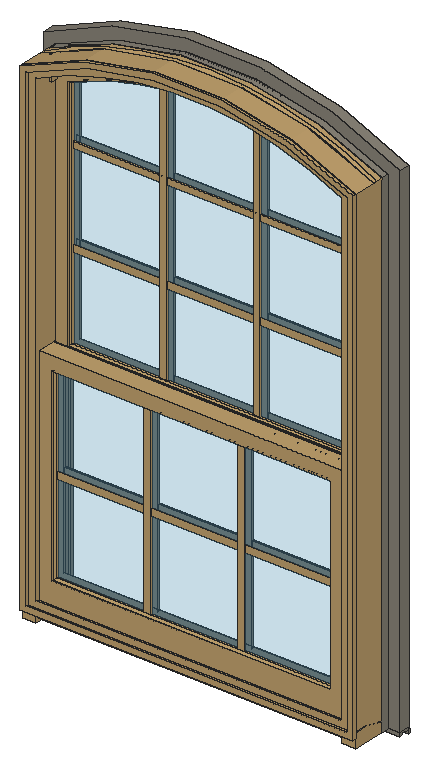
Revit family "Window-Double_Hung-Marvin-Next_Generation_Round_Top_RT6-Clad_Ultimate new new", category Windows, host Wall, Revit 2013 (continued)
Definition of nested family "Muntins"
  Parameters (values of type "Muntins")
    Inset Vert = if(LitesHorizontal < 3, (Width / 3) - (MuntinWidth / 2), (Width / LitesHorizontal) - (MuntinWidth / 2))  # 0' - 10.08333"
    Inset Horiz = if(LitesVertical < 3, (Height / 3) - (MuntinWidth / 2), (Height / LitesVertical) - (MuntinWidth / 2))  # 0' - 10 3/128"
    CenterMuntinVertical = LitesHorizontal = 2  # no
    CenterMuntinHorizontal = LitesVertical = 2  # no
    Assembly Code = ""
    Arc Height 1 = 0' - 5 1/2"
    Arc Height = 0' - 4.60072"
  Reference planes (in)
    plane 1 "Center (Front/Back)": y = 0
    plane 2: z = 0
    plane 3 "Center (Left/Right)": x = 0
    plane 4: z = 35.78125
    plane 5: z = 51.37891
    plane 6: z = 66.97656
    plane 7: z = 56.95313
    plane 8: z = 45.80469
    plane 9: z = 66.22656
    plane 10: z = 36.53125
    plane 11: x = -15.46875
    plane 12: x = 15.46875
    plane 13: x = -5.60417
    plane 14: x = -15.6875
    plane 15: x = 15.6875
    plane 16: x = 5.60417
    plane 17: z = 33.625
    plane 18: z = 70.38281
    plane 19: z = 65.7821
    plane 20: x = -18.875
    plane 21: x = 18.875
    plane 22: z = 61.47656
  Forms (in)
    Extrusion 1, solid, material <- "Muntin Material", visible <- "CenterMuntinVertical", detail levels medium+fine
      sketch origin (9, 0, 0) x (1, 0, 0) y (0, 0, 1)
        loop
          line (-9.375, 66.97656) -> (-9.375, 35.78125) -> (-8.625, 35.78125) -> (-8.625, 66.97656) -> (-9.375, 66.97656)
      from 0 to 0.28125 <- "MuntinDepth"
    Extrusion 2, solid, material <- "Muntin Material", visible <- "CenterMuntinHorizontal", detail levels medium+fine
      sketch origin (-0.0013, 0, 14.6875) x (1, 0, 0) y (0, 0, 1)
        loop
          line (-15.6862, 37.06641) -> (-15.6862, 36.31641) -> (15.6888, 36.31641) -> (15.6888, 37.06641) -> (-15.6862, 37.06641)
      from 0 to 0.28125 <- "MuntinDepth"
    Extrusion 3, solid, material <- "Muntin Material", visible <- "VertMuntVisible", detail levels medium+fine
      sketch origin (4.78571, 0, -2.90625) x (1, 0, 0) y (0, 0, 1)
        loop
          line (-10.38988, 69.88281) -> (-10.38988, 38.6875) -> (-9.63988, 38.6875) -> (-9.63988, 69.88281) -> (-10.38988, 69.88281)
      from 0 to 0.28125 <- "MuntinDepth"
    Extrusion 4, solid, material <- "Muntin Material", visible <- "HorizMuntVisible", detail levels medium+fine
      sketch origin (0.3724, 0, -0.09263) x (1, 0, 0) y (0, 0, 1)
        loop
          line (-16.0599, 46.64732) -> (-16.0599, 45.89732) -> (15.3151, 45.89732) -> (15.3151, 46.64732) -> (-16.0599, 46.64732)
      from 0 to 0.28125 <- "MuntinDepth"
    Extrusion 5, void
      sketch origin (0, 0, 0) x (1, 0, 0) y (0, 0, 1)
        loop
          arc (-15.6875, 63.10701) -> (0, 66.49727) -> (15.6875, 63.10701) r 37.98998
          line (15.6875, 63.10701) -> (18.875, 63.10701) -> (18.875, 70.38281) -> (-18.875, 70.38281) -> (-18.875, 63.10701) -> (-15.6875, 63.10701)
      from -1 to 1
    Extrusion 6, solid, material <- "Muntin Material", visible <- "CenterMuntinVertical", detail levels coarse
      sketch origin (9, 0, 0) x (1, 0, 0) y (0, 0, 1)
        loop
          line (-9.03125, 66.97656) -> (-9.03125, 35.78125) -> (-8.96875, 35.78125) -> (-8.96875, 66.97656) -> (-9.03125, 66.97656)
      from 0 to 0.0625
    Extrusion 7, solid, material <- "Muntin Material", visible <- "VertMuntVisible", detail levels coarse
      sketch origin (4.77009, 0, 0) x (1, 0, 0) y (0, 0, 1)
        loop
          line (-10.01488, 66.97656) -> (-10.01488, 35.78125) -> (-9.98363, 35.78125) -> (-9.98363, 66.97656) -> (-10.01488, 66.97656)
      from 0 to 0.0625
    Extrusion 8, solid, material <- "Muntin Material", visible <- "CenterMuntinHorizontal", detail levels coarse
      sketch origin (-0.0013, 0, 14.6875) x (1, 0, 0) y (0, 0, 1)
        loop
          line (-15.6862, 36.72266) -> (-15.6862, 36.66016) -> (15.6888, 36.66016) -> (15.6888, 36.72266) -> (-15.6862, 36.72266)
      from 0 to 0.0625
    Extrusion 9, solid, material <- "Muntin Material", visible <- "HorizMuntVisible", detail levels coarse
      sketch origin (-5.6263, 0, -2.73326) x (1, 0, 0) y (0, 0, 1)
        loop
          line (-10.0612, 48.95982) -> (-10.0612, 48.89732) -> (21.3138, 48.89732) -> (21.3138, 48.95982) -> (-10.0612, 48.95982)
      from 0 to 0.0625
    Extrusion 10, solid, material <- "Muntin Material", visible <- "VertMuntVisible", detail levels medium+fine
      sketch origin (15.24405, 0, -2.90625) x (1, 0, 0) y (0, 0, 1)
        loop
          line (-10.38988, 69.88281) -> (-10.38988, 38.6875) -> (-9.63988, 38.6875) -> (-9.63988, 69.88281) -> (-10.38988, 69.88281)
      from 0 to 0.28125 <- "MuntinDepth"
    Extrusion 11, solid, material <- "Muntin Material", visible <- "VertMuntVisible", detail levels coarse
      sketch origin (15.22842, 0, 0) x (1, 0, 0) y (0, 0, 1)
        loop
          line (-10.01488, 66.97656) -> (-10.01488, 35.78125) -> (-9.98363, 35.78125) -> (-9.98363, 66.97656) -> (-10.01488, 66.97656)
      from 0 to 0.0625
    Extrusion 12, solid, material <- "Muntin Material", visible <- "HorizMuntVisible", detail levels medium+fine
      sketch origin (0.3724, 0, 10.3058) x (1, 0, 0) y (0, 0, 1)
        loop
          line (-16.0599, 46.64732) -> (-16.0599, 45.89732) -> (15.3151, 45.89732) -> (15.3151, 46.64732) -> (-16.0599, 46.64732)
      from 0 to 0.28125 <- "MuntinDepth"
    Extrusion 13, solid, material <- "Muntin Material", visible <- "HorizMuntVisible", detail levels coarse
      sketch origin (-5.6263, 0, 7.66518) x (1, 0, 0) y (0, 0, 1)
        loop
          line (-10.0612, 48.95982) -> (-10.0612, 48.89732) -> (21.3138, 48.89732) -> (21.3138, 48.95982) -> (-10.0612, 48.95982)
      from 0 to 0.0625
  Cuts and joins
    Extrusion 5 cuts Extrusion 3
    Extrusion 5 cuts Extrusion 7
    Extrusion 5 cuts Extrusion 10
    Extrusion 5 cuts Extrusion 11
    Extrusion 5 cuts Extrusion 12
    Extrusion 5 cuts Extrusion 1
    Extrusion 5 cuts Extrusion 13
    Extrusion 5 cuts Extrusion 6
  Lines and regions (in)
    reference lines
      curve 1: arc (-18.875, 0, 65.7821) -> (0, 0, 70.51548) -> (18.875, 0, 65.7821) r 40
      curve 2: arc (18.875, 0, 61.47656) -> (0, 0, 66.49727) -> (-18.875, 0, 61.47656) r 37.98998
  Dimensions and locks (in)
    "Inset Horiz": plane 6 to plane 7
    "Inset Horiz": plane 8 to plane 4
    equal spacing: plane 6, plane 5, plane 4
    "Height": plane 6 to plane 4
    "GlazingHeight": plane 9 to plane 10
    equal spacing: plane 9, plane 5, plane 10
    "GlazingWidth": plane 12 to plane 11
    equal spacing: plane 12, plane 3 "Center (Left/Right)", plane 11
    "MuntinWidth": Extrusion 1 sketch curve to Extrusion 1 sketch curve
    "Height": Extrusion 1 sketch curve to Extrusion 1 sketch curve
    "MuntinWidth": Extrusion 2 sketch curve to Extrusion 2 sketch curve
    "Width": Extrusion 2 sketch curve to Extrusion 2 sketch curve
    "MuntinWidth": Extrusion 3 sketch curve to Extrusion 3 sketch curve
    "Height": Extrusion 3 sketch curve to Extrusion 3 sketch curve
    "Width": plane 15 to plane 14
    equal spacing: plane 15, plane 3 "Center (Left/Right)", plane 14
    "Inset Vert": plane 13 to plane 14
    "Inset Vert": plane 15 to plane 16
    "MuntinWidth": Extrusion 4 sketch curve to Extrusion 4 sketch curve
    "Width": Extrusion 4 sketch curve to Extrusion 4 sketch curve
    locked: plane 10 to plane 17 at 2.90625
    Extrusion 6 sketch curve to plane 3 "Center (Left/Right)" to Extrusion 6 sketch curve = 0' - 0 1/32" locked, 0' - 0 1/32" locked
    "Height": Extrusion 6 sketch curve to Extrusion 6 sketch curve
    locked: Extrusion 7 sketch curve to Extrusion 7 sketch curve at 0.03125
    "Height": Extrusion 7 sketch curve to Extrusion 7 sketch curve
    locked: Extrusion 3 to Extrusion 7 at 0.35938
    equal spacing: Extrusion 8 sketch curve, plane 5, Extrusion 8 sketch curve
    "Width": Extrusion 8 sketch curve to Extrusion 8 sketch curve
    Extrusion 9 sketch curve to Extrusion 9 sketch curve = 0' - 0 1/16"
    "Width": Extrusion 9 sketch curve to Extrusion 9 sketch curve
    locked: Extrusion 9 to Extrusion 4 at 0.35937
    "MuntinWidth": Extrusion 10 sketch curve to Extrusion 10 sketch curve
    "Height": Extrusion 10 sketch curve to Extrusion 10 sketch curve
    locked: Extrusion 11 sketch curve to Extrusion 11 sketch curve at 0.03125
    "Height": Extrusion 11 sketch curve to Extrusion 11 sketch curve
    locked: Extrusion 10 to Extrusion 11 at 0.35938
    group 2 to group 3 = 0' - 10.45833"
    group 2 to group 3 = 0' - 0"  (x2)
    "MuntinWidth": Extrusion 12 sketch curve to Extrusion 12 sketch curve
    "Width": Extrusion 12 sketch curve to Extrusion 12 sketch curve
    Extrusion 13 sketch curve to Extrusion 13 sketch curve = 0' - 0 1/16"
    "Width": Extrusion 13 sketch curve to Extrusion 13 sketch curve
    locked: Extrusion 13 to Extrusion 12 at 0.35937
    group 4 to group 5 = 0' - 0"  (x2)
    group 4 to group 5 = 0' - 10 51/128"
    locked: plane 18 to plane 6 at 3.40625
    "Arc Height": plane 18 to plane 19
    locked: plane 11 to plane 20 at 3.40625
    locked: plane 12 to plane 21 at 3.40625
    locked: plane 6 to curve 2 at 0.47929
    "Arc Height 1": plane 6 to plane 22
    "RO Radius": radius of curve 1
    aligned and locked: plane 6 to Extrusion 1  (x2)
    aligned and locked: Extrusion 1 to plane 4  (x3)
    aligned and locked: Extrusion 3 to plane 13  (x6)
    aligned and locked: Extrusion 3 to plane 4  (x4)
    aligned and locked: Extrusion 2 to plane 14
    aligned and locked: plane 15 to Extrusion 2
    aligned and locked: plane 6 to Extrusion 3  (x2)
    aligned and locked: Extrusion 4 to plane 14  (x2)
    aligned and locked: Extrusion 4 to plane 8  (x2)
    aligned and locked: plane 15 to Extrusion 4  (x2)
    aligned and locked: plane 6 to Extrusion 7
    aligned and locked: plane 6 to Extrusion 10
    aligned and locked: plane 6 to Extrusion 11
    aligned and locked: Extrusion 10 to plane 16
    aligned and locked: Extrusion 10 to plane 4
    aligned and locked: Extrusion 11 to plane 4
    aligned and locked: Extrusion 7 to plane 4
    aligned and locked: Extrusion 9 to plane 14
    aligned and locked: plane 15 to Extrusion 9
    aligned and locked: Extrusion 12 to plane 14
    aligned and locked: Extrusion 13 to plane 14
    aligned and locked: plane 7 to Extrusion 12
    aligned and locked: plane 15 to Extrusion 12
    aligned and locked: plane 15 to Extrusion 13
    aligned and locked: plane 15 to Extrusion 5 sketch curve
    aligned and locked: plane 19 to curve 1  (x2)
    aligned and locked: plane 21 to curve 1
    aligned and locked: plane 20 to curve 1
    aligned and locked: Extrusion 5 sketch curve to curve 2
    aligned and locked: plane 14 to Extrusion 5 sketch curve
    aligned and locked: plane 20 to Extrusion 5 sketch curve
    aligned and locked: Extrusion 5 sketch curve to plane 21
    aligned and locked: Extrusion 5 sketch curve to plane 18
    aligned and locked: plane 21 to curve 2
    aligned and locked: plane 20 to curve 2
    aligned and locked: plane 22 to curve 2  (x2)
  Automatic sketch dimensions
    Extrusion 1 sketch curve to plane 4 = 0' - 0"
    Extrusion 1 sketch curve to plane 3 "Center (Left/Right)" = 0' - 0 3/8"
    Extrusion 2 sketch curve to plane 14 = 0' - 0"
    Extrusion 2 sketch curve to plane 5 = 0' - 0 3/8"
    Extrusion 6 sketch curve to plane 4 = 0' - 0"
    Extrusion 8 sketch curve to plane 14 = 0' - 0"
    Extrusion 8 sketch curve to plane 5 = 0' - 0 1/32"
    Extrusion 9 sketch curve to Extrusion 9 sketch curve = 0' - 0 1/16"
    Extrusion 13 sketch curve to Extrusion 13 sketch curve = 0' - 0 1/16"
Definition of nested family "Jamb Detail"
  Parameters (values of type "Jamb Detail")
    Nailer = yes
  Reference planes (in)
    plane 1 "Center (Front/Back)": y = 0
    plane 2: z = 0
    plane 3 "Center (Left/Right)": x = 0
  Lines and regions (in)
    Masking region 1, in view "Ref. Level", detail levels coarse
      outline origin (0, 3.508, 0) x (1, 0, 0) y (0, 1, 0)
        loop
          line (0, 0) -> (0, -5.64802) -> (2.62497, -5.64802) -> (2.62497, 0) -> (0, 0)
    Masking region 2, in view "Ref. Level", detail levels medium
      outline origin (0, 3.508, 0) x (1, 0, 0) y (0, 1, 0)
        loop
          line (1.49505, -0.36) -> (1.49505, 0) -> (0, 0) -> (0, -5.64802) -> (0.58673, -5.64802) -> (0.73855, -4.787) -> (1.79505, -4.787) -> (1.79505, -4.329) -> (3.25697, -4.329) -> (3.25697, -3.948) -> (2.62497, -3.948) -> (2.62497, -3.068) -> (3.25697, -3.068) -> (3.25697, -2.584) -> (1.5, -2.584) -> (1.5, -2.105) -> (3.25697, -2.105) -> (3.25697, -1.724) -> (2.62497, -1.724) -> (2.62497, -0.844) -> (3.25697, -0.844) -> (3.25697, -0.36) -> (1.49505, -0.36)
    Masking region 3, in view "Ref. Level", detail levels fine
      outline origin (0, 3.508, 0) x (1, 0, 0) y (0, 1, 0)
        loop
          line (0, 0) -> (0, -5.64802) -> (0.58673, -5.64802) -> (0.73855, -4.787) -> (1.795, -4.787) -> (1.795, -4.439) -> (1.5, -4.439) -> (1.5, -3.614) -> (0.465, -3.614) -> (0.465, -3.1055) -> (1.5, -3.1055) -> (1.5, -1.403) -> (0.465, -1.403) -> (0.465, -0.607) -> (1.49505, -0.607) -> (1.49505, 0) -> (0, 0)
    Masking region 4, in view "Ref. Level", detail levels fine
      outline origin (0, 3.508, 0) x (1, 0, 0) y (0, 1, 0)
        loop
          line (3.038, -0.36) -> (1.589, -0.36) -> (1.589, -2.105) -> (3.057, -2.105) -> (3.057, -1.98636) -> (3.25619, -1.78717) -> (3.25619, -1.724) -> (2.5, -1.724) -> (2.5, -0.844) -> (3.257, -0.844) -> (3.257, -0.64741) -> (3.038, -0.454) -> (3.038, -0.36)
        loop
          line (3.038, -2.584) -> (1.589, -2.584) -> (1.589, -4.329) -> (3.057, -4.329) -> (3.057, -4.21036) -> (3.25619, -4.01117) -> (3.25619, -3.948) -> (2.5, -3.948) -> (2.5, -3.068) -> (3.257, -3.068) -> (3.257, -2.87141) -> (3.038, -2.678) -> (3.038, -2.584)
    Masking region 5, in view "Ref. Level", detail levels fine
      outline origin (0, 3.508, 0) x (1, 0, 0) y (0, 1, 0)
        loop
          line (1.49505, -0.36) -> (1.49505, 0) -> (0, 0) -> (0, -5.64802) -> (0.58673, -5.64802) -> (0.73855, -4.787) -> (1.79505, -4.787) -> (1.79505, -4.329) -> (3.057, -4.329) -> (3.057, -4.21036) -> (3.25697, -4.01038) -> (3.25697, -3.948) -> (2.62497, -3.948) -> (2.62497, -3.068) -> (3.25697, -3.068) -> (3.25697, -2.87035) -> (3.038, -2.678) -> (3.038, -2.584) -> (1.5, -2.584) -> (1.5, -2.105) -> (3.057, -2.105) -> (3.057, -1.98636) -> (3.25697, -1.78638) -> (3.25697, -1.724) -> (2.62497, -1.724) -> (2.62497, -0.844) -> (3.25697, -0.844) -> (3.25697, -0.64635) -> (3.038, -0.454) -> (3.038, -0.36) -> (1.49505, -0.36)
    Masking region 6, in view "Ref. Level", visible <- "Nailer", detail levels fine
      outline origin (0, 3.508, 0) x (1, 0, 0) y (0, 1, 0)
        loop
          line (-1.49397, -4.55599) -> (-1.49397, -4.601) -> (0, -4.601) -> (0, -4.446) -> (-0.14397, -4.446) -> (-0.14397, -4.55599) -> (-1.49397, -4.55599)
    detail lines, style "Light", in view "Ref. Level", detail levels fine
      curve 1: line (0.465, 2.105, 0) -> (0.465, 0.4025, 0)
      curve 2: line (0.465, 2.901, 0) -> (0, 2.901, 0)
      curve 3: line (0.465, -0.728, 0) -> (0, -0.728, 0)
      curve 4: line (0.465, -0.106, 0) -> (0.465, -0.728, 0)
Definition of nested family "Header Detail"
  Parameters (values of type "Header Detail")
    Nailer = yes
  Reference planes (in)
    plane 1 "Center (Front/Back)": y = 0
    plane 2: z = 0
    plane 3 "Center (Left/Right)": x = 0
  Lines and regions (in)
    Masking region 1, in view "Ref. Level", detail levels coarse
      outline origin (0, 0, 0) x (1, 0, 0) y (0, 1, 0)
        loop
          line (-2.13999, 0) -> (-2.13999, -2.628) -> (3.50801, -2.628) -> (3.50801, 0) -> (-2.13999, 0)
    Masking region 2, in view "Ref. Level", detail levels fine
      outline origin (0, 0, 0) x (1, 0, 0) y (0, 1, 0)
        loop
          line (-2.13999, -0.57678) -> (-1.27899, -0.7286) -> (-1.27899, -1.785) -> (-0.93099, -1.785) -> (-0.93099, -1.483) -> (-0.83199, -1.483) -> (-0.83199, -0.065) -> (-0.21199, -0.065) -> (-0.21199, 0) -> (-2.13999, 0) -> (-2.13999, -0.57678)
    Masking region 3, in view "Ref. Level", detail levels fine
      outline origin (0, 0, 0) x (1, 0, 0) y (0, 1, 0)
        loop
          line (-0.82239, -1.579) -> (-0.82239, -3.04703) -> (-0.70371, -3.04703) -> (-0.50374, -3.247) -> (-0.43999, -3.247) -> (-0.43999, -2.49) -> (0.43996, -2.49) -> (0.43996, -3.247) -> (0.63638, -3.247) -> (0.83001, -3.028) -> (0.92401, -3.028) -> (0.92401, -1.579) -> (-0.82239, -1.579)
    Masking region 4, in view "Ref. Level", detail levels medium
      outline origin (0, 0, 0) x (1, 0, 0) y (0, 1, 0)
        loop
          line (1.68801, -1.4835) -> (3.50801, -1.4835) -> (3.50801, 0) -> (-2.13999, 0) -> (-2.13999, -0.57678) -> (-1.27899, -0.7286) -> (-1.27899, -1.785) -> (-0.82239, -1.785) -> (-0.82239, -3.247) -> (-0.43999, -3.247) -> (-0.43999, -2.628) -> (0.43996, -2.628) -> (0.43996, -3.247) -> (0.92401, -3.247) -> (0.92401, -1.7846) -> (1.68801, -1.7846) -> (1.68801, -1.4835)
    Masking region 5, in view "Ref. Level", visible <- "Nailer", detail levels fine
      outline origin (0, 0, 0) x (1, 0, 0) y (0, 1, 0)
        loop
          line (-1.04202, 0.15488) -> (-1.04202, 1.51988) -> (-1.08698, 1.51988) -> (-1.08698, 0) -> (-0.93202, 0) -> (-0.93202, 0.15488) -> (-1.04202, 0.15488)
    Masking region 6, in view "Ref. Level", detail levels fine
      outline origin (0, 0.25, 0) x (1, 0, 0) y (0, 1, 0)
        loop
          line (1.68801, -1.7335) -> (3.50801, -1.7335) -> (3.50801, -0.25) -> (-2.13999, -0.25) -> (-2.13999, -0.82678) -> (-1.27899, -0.9786) -> (-1.27899, -2.035) -> (-0.82239, -2.035) -> (-0.82239, -3.29703) -> (-0.70371, -3.29703) -> (-0.50374, -3.497) -> (-0.43999, -3.497) -> (-0.43999, -2.878) -> (0.43996, -2.878) -> (0.43996, -3.497) -> (0.63638, -3.497) -> (0.83001, -3.278) -> (0.92401, -3.278) -> (0.92401, -2.0346) -> (1.68801, -2.0346) -> (1.68801, -1.7335)
    Masking region 7, in view "Ref. Level", detail levels fine
      outline origin (1.49635, -0.10463, 0) x (1, 0, 0) y (0, 1, 0)
        loop
          line (0.19166, -1.37887) -> (2.01166, -1.37887) -> (2.01166, 0.10463) -> (-0.49091, 0.10463) -> (-0.54824, -0.05287) -> (-0.98096, 0.10463) -> (-1.70834, 0.10463) -> (-1.70834, 0.03963) -> (-2.32834, 0.03963) -> (-2.32834, -0.52307) -> (-1.70834, -0.52307) -> (-1.70834, -0.71107) -> (-2.32834, -0.71107) -> (-2.32834, -1.37907) -> (-0.49434, -1.37907) -> (-0.49434, -1.67997) -> (0.19166, -1.67997) -> (0.19166, -1.37887)
    detail lines, style "Light", in view "Ref. Level", detail levels fine
      curve 1: line (1.76921, 0, 0) -> (1.76921, -1.2016, 0)
      curve 2: line (1.68801, -1.2016, 0) -> (1.68801, -1.4835, 0)
      curve 3: line (1.00201, -1.2016, 0) -> (1.00201, -1.4837, 0)
      curve 4: line (1.76921, -1.2016, 0) -> (1.00201, -1.2016, 0)
Definition of nested family "Sill Detail"
  Parameters (values of type "Sill Detail")
    Nailer = yes
  Reference planes (in)
    plane 1 "Center (Front/Back)": y = 0
    plane 2: z = 0
    plane 3 "Center (Left/Right)": x = 0
  Lines and regions (in)
    Masking region 1, in view "Ref. Level", detail levels coarse
      outline origin (0, 0, 0) x (1, 0, 0) y (0, 1, 0)
        loop
          line (-4.36311, -0.00002) -> (1.28394, -0.00002) -> (1.28394, 4.21198) -> (-4.36311, 4.21198) -> (-4.36311, -0.00002)
    Masking region 2, in view "Ref. Level", detail levels medium
      outline origin (0, 0, 0) x (1, 0, 0) y (0, 1, 0)
        loop
          line (1.28394, 2.22994) -> (0.924, 2.22994) -> (0.924, 4.84396) -> (0.43999, 4.84396) -> (0.43999, 4.21198) -> (-0.43963, 4.21198) -> (-0.43963, 4.84396) -> (-0.82107, 4.84396) -> (-0.82107, 1.46892) -> (-4.36311, 0.58588) -> (-4.36311, -0.00002) -> (1.28394, -0.00002) -> (1.28394, 2.22994)
    Masking region 3, in view "Ref. Level", detail levels fine
      outline origin (0, 0, 0) x (1, 0, 0) y (0, 1, 0)
        loop
          line (0.6366, 4.84396) -> (0.43999, 4.84396) -> (0.43999, 4.08698) -> (-0.43963, 4.08698) -> (-0.43963, 4.84396) -> (-0.50237, 4.84396) -> (-0.70235, 4.64399) -> (-0.82107, 4.64399) -> (-0.82107, 1.54439) -> (-0.54105, 1.6142) -> (-0.54105, 1.91995) -> (0.924, 1.91995) -> (0.924, 4.62495) -> (0.83, 4.62495) -> (0.6366, 4.84396)
    Masking region 4, in view "Ref. Level", detail levels fine
      outline origin (0, 0, 0) x (1, 0, 0) y (0, 1, 0)
        loop
          line (1.01795, 1.62995) -> (-0.17511, 1.62995) -> (-3.50208, 0.80053) -> (-3.50208, 0.72866) -> (-4.36309, 0.57686) -> (-4.36309, -0.00002) -> (-0.60918, -0.00002) -> (1.01795, 0.40562) -> (1.01795, 1.62995)
    Masking region 5, in view "Ref. Level", detail levels fine
      outline origin (0, 0, 0) x (1, 0, 0) y (0, 1, 0)
        loop
          line (1.01794, 2.22994) -> (1.01794, 0.90494) -> (1.28394, 0.90494) -> (1.28394, 2.22994) -> (1.01794, 2.22994)
    Masking region 6, in view "Ref. Level", visible <- "Nailer", detail levels fine
      outline origin (0, 0, 0) x (1, 0, 0) y (0, 1, 0)
        loop
          line (-3.27149, -1.25785) -> (-3.27149, -0.00002) -> (-3.55046, -0.00002) -> (-3.55046, -0.04284) -> (-3.31146, -0.04284) -> (-3.31146, -1.25785) -> (-3.27149, -1.25785)
    Masking region 7, in view "Ref. Level", detail levels fine
      outline origin (0, 0, 0) x (1, 0, 0) y (0, 1, 0)
        loop
          line (1.28394, 2.22994) -> (0.924, 2.22994) -> (0.924, 4.62495) -> (0.83, 4.62495) -> (0.6366, 4.84396) -> (0.43999, 4.84396) -> (0.43999, 4.21198) -> (-0.43963, 4.21198) -> (-0.43963, 4.84396) -> (-0.50237, 4.84396) -> (-0.70235, 4.64399) -> (-0.82107, 4.64399) -> (-0.82107, 1.46892) -> (-3.50208, 0.80054) -> (-3.50208, 0.72866) -> (-4.36311, 0.57686) -> (-4.36311, -0.00002) -> (-0.60641, -0.00002) -> (1.01794, 0.40494) -> (1.01794, 0.90494) -> (1.28394, 0.90494) -> (1.28394, 2.22994)
    detail lines, style "Light", in view "Ref. Level", detail levels fine
      curve 1: line (-2.91948, 0, 0) -> (-3.14146, 0.89044, 0)
Definition of nested family "Checkrail Detail"
  Reference planes (in)
    plane 1 "Center (Front/Back)": y = 0
    plane 2: z = 0
    plane 3 "Center (Left/Right)": x = 0
  Lines and regions (in)
    Masking region 1, in view "Ref. Level", detail levels medium
      outline origin (0, -0.88249, 0) x (1, 0, 0) y (0, 1, 0)
        loop
          line (-0.821, 0) -> (1.52161, 0) -> (1.52161, -0.07906) -> (1.7843, -0.07906) -> (1.7843, 0.53895) -> (2.66392, 0.53895) -> (2.66392, -0.07906) -> (3.148, -0.07906) -> (3.148, 1.63899) -> (0.83002, 1.63899) -> (0.83002, 1.858) -> (0.43999, 1.858) -> (0.43999, 1.22602) -> (-0.4405, 1.22602) -> (-0.4405, 1.858) -> (-0.821, 1.858) -> (-0.821, 0)
    Masking region 2, in view "Ref. Level", detail levels coarse
      outline origin (0, -0.88249, 0) x (1, 0, 0) y (0, 1, 0)
        loop
          line (-0.821, 0.53895) -> (3.148, 0.53895) -> (3.148, 1.22602) -> (-0.821, 1.22602) -> (-0.821, 0.53895)
    Masking region 3, in view "Ref. Level", detail levels fine
      outline origin (0, -0.88249, 0) x (1, 0, 0) y (0, 1, 0)
        loop
          line (3.148, 0.13993) -> (3.148, 1.63899) -> (1.10998, 1.63899) -> (1.10998, 0.25695) -> (1.15997, 0.25695) -> (1.15997, 0.53598) -> (1.40297, 0.53598) -> (1.40297, 0.12098) -> (1.52161, 0.12098) -> (1.72163, -0.07906) -> (1.7843, -0.07906) -> (1.7843, 0.67794) -> (2.66392, 0.67794) -> (2.66392, -0.07906) -> (2.86055, -0.07906) -> (3.05397, 0.13993) -> (3.148, 0.13993)
        loop
          line (1.02201, 1.63899) -> (0.83002, 1.63899) -> (0.6366, 1.858) -> (0.43999, 1.858) -> (0.43999, 1.101) -> (-0.4405, 1.101) -> (-0.4405, 1.85716) -> (-0.50323, 1.85716) -> (-0.70235, 1.65803) -> (-0.821, 1.65803) -> (-0.821, 0) -> (1.309, 0) -> (1.309, 0.389) -> (1.259, 0.389) -> (1.259, 0.05) -> (1.02201, 0.05) -> (1.02201, 1.63899)
    Masking region 4, in view "Ref. Level", detail levels fine
      outline origin (0, -0.88249, 0) x (1, 0, 0) y (0, 1, 0)
        loop
          line (-0.821, 0) -> (1.309, 0) -> (1.309, 0.12098) -> (1.52161, 0.12098) -> (1.72163, -0.07906) -> (1.7843, -0.07906) -> (1.7843, 0.53895) -> (2.66392, 0.53895) -> (2.66392, -0.07906) -> (2.86055, -0.07906) -> (3.05397, 0.13993) -> (3.148, 0.13993) -> (3.148, 1.63899) -> (0.83002, 1.63899) -> (0.6366, 1.858) -> (0.43999, 1.858) -> (0.43999, 1.22602) -> (-0.4405, 1.22602) -> (-0.4405, 1.858) -> (-0.50239, 1.858) -> (-0.70235, 1.65803) -> (-0.821, 1.65803) -> (-0.821, 0)
    detail lines, style "Medium", in view "Ref. Level", detail levels coarse
      curve 1: line (1.1635, 0.34354, 0) -> (1.1635, -0.34354, 0)
    detail lines, style "Medium", in view "Ref. Level", detail levels medium
      curve 2: line (1.1635, 0.7565, 0) -> (1.1635, -0.88249, 0)
Definition of nested family "Wood Ext Trim Detail"
  Parameters (values of type "Wood Ext Trim Detail")
    Wood Flat Notch [instance] = no
    Wood Flat [instance] = yes
    Wood BMC Notch [instance] = no
    Wood BMC [instance] = no
    Clad Flat [instance] = no
    Clad BMC [instance] = no
    Assembly Code = ""
  Reference planes (in)
    plane 1 "Center (Front/Back)": y = 0
    plane 2: z = 0
    plane 3 "Center (Left/Right)": x = 0
  Lines and regions (in)
    Masking region 1, in view "Ref. Level", visible <- "Clad Flat"
      outline origin (0, 0, 0) x (1, 0, 0) y (0, 1, 0)
        loop
          line (0, 0) -> (0, -1.09375) -> (3, -1.09375) -> (3, 0) -> (0, 0)
    Masking region 2, in view "Ref. Level", visible <- "Clad BMC"
      outline origin (0, 0, 0) x (1, 0, 0) y (0, 1, 0)
        loop
          line (0.38081, 0) -> (0, 0) -> (0, -1.09375) -> (1.3125, -1.09375) -> (1.3125, 0.15625) -> (0.71589, 0.15625) -> (0.38081, 0)
    Masking region 3, in view "Ref. Level", visible <- "Wood BMC Notch"
      outline origin (0.25, 0, 0) x (1, 0, 0) y (0, 1, 0)
        loop
          line (1.3125, -1.09375) -> (1.3125, 0.125) -> (0.77353, 0.125) -> (0.30703, 0) -> (-0.6875, 0) -> (-0.6875, -0.81275) -> (-0.34349, -0.81275) -> (-0.34349, -1.09375) -> (1.3125, -1.09375)
    Masking region 4, in view "Ref. Level", visible <- "Wood Flat Notch"
      outline origin (0.25, 0, 0) x (1, 0, 0) y (0, 1, 0)
        loop
          line (-0.6875, 0) -> (-0.6875, -0.81276) -> (-0.34349, -0.81276) -> (-0.34349, -1.09375) -> (2.8125, -1.09375) -> (2.8125, 0) -> (-0.6875, 0)
    Masking region 5, in view "Ref. Level", visible <- "Wood BMC"
      outline origin (0.25, 0, 0) x (1, 0, 0) y (0, 1, 0)
        loop
          line (1.3125, -1.09375) -> (1.3125, 0.125) -> (0.77353, 0.125) -> (0.30703, 0) -> (-0.6875, 0) -> (-0.6875, -1.09375) -> (1.3125, -1.09375)
    Masking region 6, in view "Ref. Level", visible <- "Wood Flat"
      outline origin (0.25, 0, 0) x (1, 0, 0) y (0, 1, 0)
        loop
          line (-0.6875, 0) -> (-0.6875, -1.09375) -> (2.8125, -1.09375) -> (2.8125, 0) -> (-0.6875, 0)
Definition of nested family "Clad Subsill Detail"
  Parameters (values of type "Clad Subsill Detail")
    Nailer = yes
    Assembly Code = ""
  Reference planes (in)
    plane 1 "Center (Front/Back)": y = 0
    plane 2: z = 0
    plane 3 "Center (Left/Right)": x = 0
  Lines and regions (in)
    Masking region 1, in view "Ref. Level", detail levels coarse+medium
      outline origin (0, 0, 0) x (1, 0, 0) y (0, 1, 0)
        loop
          line (0, 0) -> (0, -0.14095) -> (-0.2553, -0.14095) -> (-0.2553, -0.5702) -> (-0.09909, -0.5702) -> (-0.09909, -0.32566) -> (1.12389, -0.32566) -> (1.12389, 0) -> (0, 0)
    Masking region 2, in view "Ref. Level", detail levels fine
      outline origin (0, 0, 0) x (1, 0, 0) y (0, 1, 0)
        loop
          line (-0.2553, -0.17936) -> (-0.2553, -0.5702) -> (-0.09909, -0.5702) -> (-0.09909, -0.52016) -> (-0.2053, -0.52016) -> (-0.2053, -0.2474) -> (0.83801, -0.10077) -> (0.83801, -0.32566) -> (1.12389, -0.32566) -> (1.12389, -0.26227) -> (1.04806, -0.26227) -> (1.04806, -0.07125) -> (1.12389, -0.06059) -> (1.12389, 0) -> (0, 0) -> (0, -0.14348) -> (-0.2553, -0.17936)
    Masking region 3, in view "Ref. Level", visible <- "Nailer", detail levels fine
      outline origin (0, -0.32827, 0) x (1, 0, 0) y (0, 1, 0)
        loop
          line (0.82929, 0.00261) -> (0.82929, -0.04097) -> (0.99892, -0.04097) -> (0.99892, -1.48397) -> (1.04392, -1.48397) -> (1.04392, -0.15597) -> (1.15392, -0.15597) -> (1.15392, 0.00261) -> (0.82929, 0.00261)
Definition of nested family "Label Annotation 1-16 w4"
  Parameters
    Nominal Width = 1' - 6"
    Nominal Height = 6' - 0"
    Description = "CUCART18"
  Reference planes (in)
    plane 1: y = 0
    plane 2: x = 0
  Text (in)
    label "Nominal Width X  Nominal Height\n\nDescription" at (0.00375, -0.00345, 0), shows "Nominal Width", "Nominal Height", "Description"
Definition of nested family "Sliding Arrow"
  Reference planes (in)
    plane 1 "Center (Front/Back)": y = 0
    plane 2: z = 0
    plane 3 "Center (Left/Right)": x = 0
  Lines and regions (in)
    detail lines, style "H Line", in view "Ref. Level"
      curve 1: line (0, 1.5, 0) -> (2.59808, 0, 0)
      curve 2: line (2.59808, 0, 0) -> (0, -1.5, 0)
      curve 3: line (2.59808, 0, 0) -> (-2.40192, 0, 0)
